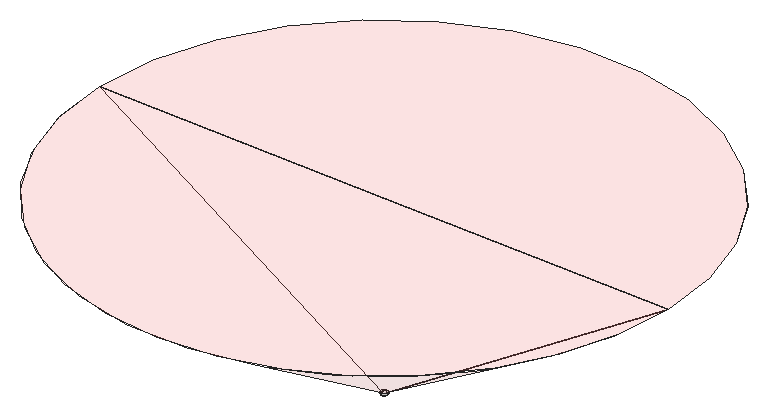
Revit family "Sensor-Lutron-Radio_Powr_Savr_Ceiling_Occupancy_and_Vacancy", category Lighting Devices, host Face, Revit 2017
Family settings
  Host = Face
  Maintain Annotation Orientation = No
  Round Connector Dimension = Use Diameter
  Part Type = Normal
  OmniClass Number = 23.85.80.11.27
  OmniClass Title = Lighting Controls
  Cut with Voids When Loaded = No
  Shared = No
  Room Calculation Point = No
Parameters (values of type "LRF2-VCR2B-P-WH")
  Warranty URL = "http://www.lutron.com/en-US/Service-Support/Pages/Service/Warranty/Warranty.aspx"
  Voltage = 3 V
  Video Link = "https://www.youtube.com/user/LutronElectronicsInc"
  Version = "2017 - v1.0b"  # constant formula
  Vacancy Sensor = yes
  URL = "http://www.lutron.com"
  Type Comments = ""
  Support Phone = "(224) 699-9545"  # constant formula
  Support Email = "mailto: support@anguleris.com"
  Show 3D Range Diagram [instance] = yes
  Show 2D Range Diagram [instance] = not(Show 3D Range Diagram)  # no
  Series = "Radio Powr Savr"
  Sensor Recessed Offset [instance] = if(Recessed, Sensor Body Height, 0' 0")  # 0' - 0"
  Sensor Radius = Sensor Diameter / 2  # 0' - 0 3/4"
  Sensor Material = Plastic - Lutron - White
  Sensor Elevation [instance] = if(Design Sensor Elevation < Minimum Ceiling Height, Minimum Ceiling Height, if(Design Sensor Elevation > Maximum Ceiling Height, Maximum Ceiling Height, Design Sensor Elevation))  # 8' - 0"
  Sensor Diameter = 0' - 1 1/2"
  Sensor Cover Offset = 0' - 0.887"
  Sensor Body Height = 0' - 0.507"
  Recessed [instance] = no
  Range Diagram [instance] = yes
  Product Page URL = "http://www.lutron.com/en-US/products/Pages/sensors/occupancy-vacancy/wirelessradiopowrsavr/overview.aspx"
  Product Name = "Wireless Ceiling Mount Sensor"
  Product Documentation Link = "http://www.lutron.com/TechnicalDocumentLibrary/369480_ENG.pdf"
  Performance URL = "http://www.lutron.com/en-US/Service-Support/Pages/Technical/PerfomanceSpecs.aspx"
  Overall Width = 0' - 1.13"
  Overall Depth = 0' - 3.57"
  Occupancy Sensor = not(Vacancy Sensor)  # no
  Mounting Radius = Mounting Diameter / 2  # 0' - 1.425"
  Mounting Diameter = 0' - 2.85"
  Model = "LRF2-VCR2B-P-WH"
  Minimum Room Coverage (L x W) = "8ft x 8ft"
  Minimum Operating Temperature = 32 °F
  Minimum Coverage = 324.00 SF
  Minimum Clearance = 4' - 0"
  Minimum Ceiling Height = 8' - 0"
  Maximum Room Coverage (L x W) = "12ft x 12ft"
  Maximum Operating Temperature = 104 °F
  Maximum Coverage = 676.00 SF
  Maximum Ceiling Height = 12' - 0"
  Manufacturer Phone Number = "610-282-3800"  # constant formula
  Manufacturer Fax Number = "610-282-1243"  # constant formula
  Manufacturer Email = "mailto:support@lutron.com"
  Manufacturer Address = "7200 Suter Rd, Coopersburg, PA 18036"  # constant formula
  Manufacturer = "Lutron Electronics Co., Inc"  # constant formula
  Radius of Coverage at Floor = 13' - 0"
  Light Level = 1 fc
  Label = if(Occupancy Sensor, "OS", "VS")  # "VS"
  Keynote = ""
  Instruction Sheet Link = "http://www.lutron.com/TechnicalDocumentLibrary/041416.pdf"
  Frequency = "434 MHz"
  Cost Info = "mailto:sales@lutron.com"
  Cost = 0
  Copyright = "© 2019 Lutron Electronics Co., Inc."  # constant formula
  Clearance [instance] = no
  Actual Room Coverage (L x W) [instance] = 18' - 0"
  Field of View = 360.00°
  Design Sensor Elevation [instance] = 0' - 0"
  Description = "Wireless Ceiling Mount Sensor"
  Default Elevation = 0' - 0"
  Current = 14 mA
  Ceiling Opening Radius = Ceiling Opening Diameter / 2  # 0' - 1 1/2"
  Ceiling Opening Diameter = 0' - 3"
  Assembly Code = "D5030800"
  3D Range Visibility [instance] = and(Range Diagram, Show 3D Range Diagram)  # yes
  2D Range Visibility [instance] = and(Range Diagram, Show 2D Range Diagram)  # no
Types (2): name | Vacancy Sensor | Occupancy Sensor | Model | Label
  LRF2-VCR2B-P-WH | yes | no | "LRF2-VCR2B-P-WH" | "VS"
  LRF2-OCR2B-P-WH | no | yes | "LRF2-OCR2B-P-WH" | "OS"
Reference planes (in)
  plane 1 "Center (Front/Back)": y = 0
  plane 2: z = 0
  plane 3 "Center (Left/Right)": x = 0
  plane 4: y = 1.785
  plane 5: y = -1.785
  plane 6: x = -1.785
  plane 7: x = 1.785
  plane 8: z = 1.13
  plane 9: z = 0.887
  plane 10: z = 0
  plane 11: y = 0.75
  plane 12: x = -49.785
Forms (in)
  Revolve 1, solid, material "Plastic - Lutron - Clear"
    sketch origin (0, 0, 0) x (0, 1, 0) y (0, 0, 1)
      loop
        line (0, 1.13) -> (0, 0.887) -> (0.74995, 0.887)
        arc (0.74995, 0.887) -> (0.67569, 1.05911) -> (0.50216, 1.13) r 0.24784
        line (0.50216, 1.13) -> (0, 1.13)
      axis (0, 0.887) -> (0, 1.13)
    angle from 0 to 360
  Extrusion 2, solid, material "Plastic - Lutron - White" <- "Sensor Material"
    sketch origin (0, 0, 0) x (1, 0, 0) y (0, 1, 0)
      loop
        circle (0, 0) r 1.425
    from 0 to 0.507
  Extrusion 3, solid, material "Plastic - Lutron - White" <- "Sensor Material"
    sketch origin (0, 0, 0) x (1, 0, 0) y (0, 1, 0)
      loop
        circle (0, 0) r 1.785
    from 0.507 to 0.887
  Sweep 4, void
    path origin (0, 0, 0) x (0, 1, 0) y (0, 0, 1)
      loop
        line (0, 0) -> (0, 0.887)
    profile origin (0, 0, 0.4435) x (0, -1, 0) y (1, 0, 0)
      loop
        circle (0, 0) r 1.5
  Revolve 5, solid, material "Clearance", visible <- "Clearance"
    sketch origin (0, 0, 0) x (1, 0, 0) y (0, 0, 1)
      loop
        line (-1.785, 0) -> (-1.785, 1.13) -> (-49.785, 1.13) -> (-49.785, 0) -> (-1.785, 0)
      axis (0, 0) -> (0, 1.13)
    angle from 0 to 360
Lines and regions (in)
  symbolic lines, detail levels fine
    curve 1: circle (0, 0, 0) r 1.78527 normal (0, 0, 1)
Dimensions and locks (in)
  equal spacing: plane 4, plane 1 "Center (Front/Back)", plane 5
  equal spacing: plane 6, plane 3 "Center (Left/Right)", plane 7
  "Overall Depth": plane 4 to plane 5
  "Overall Depth": plane 6 to plane 7
  locked: curve 1 to plane 3 "Center (Left/Right)" at 0
  locked: curve 1 to plane 1 "Center (Front/Back)" at 0
  locked: Extrusion 2 sketch curve to plane 3 "Center (Left/Right)" at 0
  locked: Extrusion 2 sketch curve to plane 1 "Center (Front/Back)" at 0
  locked: Extrusion 3 to Extrusion 3 at 0.38
  locked: Extrusion 3 sketch curve to plane 3 "Center (Left/Right)" at 0
  locked: Extrusion 3 sketch curve to plane 1 "Center (Front/Back)" at 0
  locked: curve 1 to plane 6 at 0.00027
  "Sensor Cover Offset": plane 9 to plane 10
  "Overall Width": plane 8 to plane 10
  "Sensor Body Height": Extrusion 3 to plane 10
  "Sensor Recessed Offset": plane 2 to plane 10
  "Sensor Radius": plane 1 "Center (Front/Back)" to plane 11
  locked: plane 9 to Revolve 1 sketch curve at 0.00484
  "Minimum Clearance": plane 6 to plane 12
  "Ceiling Opening Radius": radius of Sweep 4 sketch curve
  "Mounting Radius": radius of Extrusion 2 sketch curve
  aligned and locked: plane 2 to host face
  aligned and locked: level to host face
  aligned: plane 2 to Revolve 1
  aligned: Extrusion 3 to Revolve 1
  aligned and locked: Extrusion 3 to Extrusion 2
  aligned and locked: plane 1 "Center (Front/Back)" to Revolve 1 sketch curve
  aligned and locked: plane 3 "Center (Left/Right)" to nested 1
  aligned and locked: plane 1 "Center (Front/Back)" to nested 1
  aligned and locked: Revolve 1 sketch curve to plane 9
  aligned and locked: Extrusion 3 to Revolve 1
  aligned and locked: Extrusion 2 to plane 10
  aligned and locked: Sweep 4 sketch curve to plane 1 "Center (Front/Back)"
  aligned and locked: plane 10 to Sweep 4 sketch curve
  aligned and locked: plane 3 "Center (Left/Right)" to Sweep 4 sketch curve
  aligned and locked: plane 1 "Center (Front/Back)" to Sweep 4 sketch curve
  aligned and locked: plane 9 to Sweep 4 sketch curve
  aligned and locked: plane 8 to Revolve 1 sketch curve
  aligned and locked: Extrusion 2 to Revolve 5 sketch curve
  aligned and locked: plane 3 "Center (Left/Right)" to Revolve 5 sketch curve
  aligned and locked: Revolve 5 sketch curve to plane 6
  aligned and locked: Revolve 5 sketch curve to plane 8
  aligned and locked: plane 10 to Revolve 5 sketch curve
  aligned and locked: Revolve 5 sketch curve to plane 12
  aligned and locked: nested 2 to plane 3 "Center (Left/Right)"
  aligned and locked: nested 2 to plane 1 "Center (Front/Back)"
  aligned and locked: nested 3 to nested 2  (x2)
Automatic sketch dimensions
  host sketch curve to host sketch curve = 8' - 0"  (x2)
  Revolve 1 sketch curve to plane 1 "Center (Front/Back)" = 0' - 0"
  plane 11 to Revolve 1 sketch curve = 0' - 0.24784"
  Revolve 1 sketch curve to Revolve 1 sketch curve = 0' - 0.09707"
  Revolve 1 sketch curve to Revolve 1 sketch curve = 0' - 0.21791"
  Revolve 5 sketch curve to plane 8 = 0' - 0"
  radius of Extrusion 3 sketch curve = 0' - 1.785"
Nested families (in)
  nested 1: "Ceiling Occupancy Sensor" at (0, 0, 0), Label <- "Label", type "Ceiling Occupancy Sensor", detail levels coarse+medium
    with Label "VS"
  nested 2: "3d-Ceiling-Visibility" at (0, 0, 0), visible <- "3D Range Visibility", type "3d-Ceiling-Visibility"
  nested 3: "Ceiling Blade Assembly" at (0, 0, 0), visible <- "2D Range Visibility", type "Ceiling Blade Assembly"
Connectors (in)
  electrical at (0, 0, 0)
    settings: on Revolve 1, index 1, voltage 0 V, apparent load 0 VA, apparent load phase1 0 VA, apparent load phase2 0 VA, apparent load phase3 0 VA, power factor 1, load classification "Other", number of poles 1, system type 13, power factor state 1, is connector primary yes, connector utility no, sub classification motor no, connector description "Lighting Control Connection"
Definition of nested family "3d-Ceiling-Visibility"
  Parameters (values of type "3d-Ceiling-Visibility")
    Radius = 13' - 0"
    Material = none
    Ceiling Height = 8' - 0"
    3d Range Visibility = yes
  Reference planes (in)
    plane 1 "Center (Front/Back)": y = 0
    plane 2: z = 0
    plane 3 "Center (Left/Right)": x = 0
    plane 4: x = 156
    plane 5: z = 96
  Forms (in)
    Revolve 1, solid, material <- "Material", visible <- "3d Range Visibility"
      sketch origin (0, 0, 0) x (1, 0, 0) y (0, 0, 1)
        loop
          line (0, 96) -> (0, 0) -> (156, 96) -> (0, 96)
        axis (0, 0) -> (0, 96)
      angle from 0 to 360
  Dimensions and locks (in)
    locked: plane 4 to plane 3 "Center (Left/Right)" at 156
    plane 5 to plane 2 = 8' - 0"
    aligned and locked: plane 2 to level
    aligned and locked: plane 2 to Revolve 1 sketch curve  (x2)
    aligned and locked: plane 3 "Center (Left/Right)" to Revolve 1 sketch curve  (x2)
    aligned and locked: plane 4 to Revolve 1 sketch curve  (x2)
    aligned and locked: plane 5 to Revolve 1 sketch curve  (x2)
    aligned and locked: Revolve 1 sketch curve to plane 3 "Center (Left/Right)"  (x2)
    aligned and locked: Revolve 1 sketch curve to plane 5
Definition of nested family "Ceiling Blade Assembly"
  Parameters (values of type "Ceiling Blade Assembly")
    2D Blade Visibility = no
  Reference planes (in)
    plane 1 "Center (Front/Back)": y = 0
    plane 2: z = 0
    plane 3 "Center (Left/Right)": x = 0
  Dimensions and locks (in)
    aligned and locked: plane 2 to level
  Nested families (in)
    nested 1: "Blade Set" at (0, 0, 0), type "Blade Set"
    nested 2: "Blade Set" at (0, 0, 0) x (0.9613, -0.2756, 0) z (0, 0, 1), type "Blade Set 2"
    nested 3: "Blade Set" at (0, 0, 0) x (0.9925, -0.1223, 0) z (0, 0, 1), type "Blade Set 3"
    nested 4: "Blade Set" at (0, 0, 0) x (0.9685, -0.249, 0) z (0, 0, 1), type "Blade Set 4"
    nested 5: "Blade Set" at (0, 0, 0), type "Blade Set 5"
    nested 6: "Blade Set" at (0, 0, 0) x (0.866, -0.5, 0) z (0, 0, 1), type "Blade Set"
    nested 7: "Blade Set" at (0, 0, 0) x (0.866, 0.5, 0) z (0, 0, 1), type "Blade Set"
    nested 8: "Blade Set" at (0, 0, 0) x (0.5, 0.866, 0) z (0, 0, 1), type "Blade Set"
    nested 9: "Blade Set" at (0, 0, 0) x (0, 1, 0) z (0, 0, 1), type "Blade Set"
    nested 10: "Blade Set" at (0, 0, 0) x (-0.5, 0.866, 0) z (0, 0, 1), type "Blade Set"
    nested 11: "Blade Set" at (0, 0, 0) x (-0.866, 0.5, 0) z (0, 0, 1), type "Blade Set"
    nested 12: "Blade Set" at (0, 0, 0) x (-1, 0, 0) z (0, 0, 1), type "Blade Set"
    nested 13: "Blade Set" at (0, 0, 0) x (-0.866, -0.5, 0) z (0, 0, 1), type "Blade Set"
    nested 14: "Blade Set" at (0, 0, 0) x (-0.5, -0.866, 0) z (0, 0, 1), type "Blade Set"
    nested 15: "Blade Set" at (0, 0, 0) x (0, -1, 0) z (0, 0, 1), type "Blade Set"
    nested 16: "Blade Set" at (0, 0, 0) x (0.5, -0.866, 0) z (0, 0, 1), type "Blade Set"
    nested 17: "Blade Set" at (0, 0, 0) x (0.6947, -0.7193, 0) z (0, 0, 1), type "Blade Set 2"
    nested 18: "Blade Set" at (0, 0, 0) x (0.9703, 0.2419, 0) z (0, 0, 1), type "Blade Set 2"
    nested 19: "Blade Set" at (0, 0, 0) x (0.7193, 0.6947, 0) z (0, 0, 1), type "Blade Set 2"
    nested 20: "Blade Set" at (0, 0, 0) x (0.2756, 0.9613, 0) z (0, 0, 1), type "Blade Set 2"
    nested 21: "Blade Set" at (0, 0, 0) x (-0.2419, 0.9703, 0) z (0, 0, 1), type "Blade Set 2"
    nested 22: "Blade Set" at (0, 0, 0) x (-0.6947, 0.7193, 0) z (0, 0, 1), type "Blade Set 2"
    nested 23: "Blade Set" at (0, 0, 0) x (-0.9613, 0.2756, 0) z (0, 0, 1), type "Blade Set 2"
    nested 24: "Blade Set" at (0, 0, 0) x (-0.9703, -0.2419, 0) z (0, 0, 1), type "Blade Set 2"
    nested 25: "Blade Set" at (0, 0, 0) x (-0.7193, -0.6947, 0) z (0, 0, 1), type "Blade Set 2"
    nested 26: "Blade Set" at (0, 0, 0) x (-0.2756, -0.9613, 0) z (0, 0, 1), type "Blade Set 2"
    nested 27: "Blade Set" at (0, 0, 0) x (0.2419, -0.9703, 0) z (0, 0, 1), type "Blade Set 2"
    nested 28: "Blade Set" at (0, 0, 0) x (0.7984, -0.6021, 0) z (0, 0, 1), type "Blade Set 3"
    nested 29: "Blade Set" at (0, 0, 0) x (0.9207, 0.3904, 0) z (0, 0, 1), type "Blade Set 3"
    nested 30: "Blade Set" at (0, 0, 0) x (0.6021, 0.7984, 0) z (0, 0, 1), type "Blade Set 3"
    nested 31: "Blade Set" at (0, 0, 0) x (0.1223, 0.9925, 0) z (0, 0, 1), type "Blade Set 3"
    nested 32: "Blade Set" at (0, 0, 0) x (-0.3904, 0.9207, 0) z (0, 0, 1), type "Blade Set 3"
    nested 33: "Blade Set" at (0, 0, 0) x (-0.7984, 0.6021, 0) z (0, 0, 1), type "Blade Set 3"
    nested 34: "Blade Set" at (0, 0, 0) x (-0.9925, 0.1223, 0) z (0, 0, 1), type "Blade Set 3"
    nested 35: "Blade Set" at (0, 0, 0) x (-0.9207, -0.3904, 0) z (0, 0, 1), type "Blade Set 3"
    nested 36: "Blade Set" at (0, 0, 0) x (-0.6021, -0.7984, 0) z (0, 0, 1), type "Blade Set 3"
    nested 37: "Blade Set" at (0, 0, 0) x (-0.1223, -0.9925, 0) z (0, 0, 1), type "Blade Set 3"
    nested 38: "Blade Set" at (0, 0, 0) x (0.3904, -0.9207, 0) z (0, 0, 1), type "Blade Set 3"
    nested 39: "Blade Set" at (0, 0, 0) x (0.7143, -0.6999, 0) z (0, 0, 1), type "Blade Set 4"
    nested 40: "Blade Set" at (0, 0, 0) x (0.9632, 0.2687, 0) z (0, 0, 1), type "Blade Set 4"
    nested 41: "Blade Set" at (0, 0, 0) x (0.6999, 0.7143, 0) z (0, 0, 1), type "Blade Set 4"
    nested 42: "Blade Set" at (0, 0, 0) x (0.249, 0.9685, 0) z (0, 0, 1), type "Blade Set 4"
    nested 43: "Blade Set" at (0, 0, 0) x (-0.2687, 0.9632, 0) z (0, 0, 1), type "Blade Set 4"
    nested 44: "Blade Set" at (0, 0, 0) x (-0.7143, 0.6999, 0) z (0, 0, 1), type "Blade Set 4"
    nested 45: "Blade Set" at (0, 0, 0) x (-0.9685, 0.249, 0) z (0, 0, 1), type "Blade Set 4"
    nested 46: "Blade Set" at (0, 0, 0) x (-0.9632, -0.2687, 0) z (0, 0, 1), type "Blade Set 4"
    nested 47: "Blade Set" at (0, 0, 0) x (-0.6999, -0.7143, 0) z (0, 0, 1), type "Blade Set 4"
    nested 48: "Blade Set" at (0, 0, 0) x (-0.249, -0.9685, 0) z (0, 0, 1), type "Blade Set 4"
    nested 49: "Blade Set" at (0, 0, 0) x (0.2687, -0.9632, 0) z (0, 0, 1), type "Blade Set 4"
    nested 50: "Blade Set" at (0, 0, 0) x (0.5, -0.866, 0) z (0, 0, 1), type "Blade Set 5"
    nested 51: "Blade Set" at (0, 0, 0) x (0.5, 0.866, 0) z (0, 0, 1), type "Blade Set 5"
    nested 52: "Blade Set" at (0, 0, 0) x (-0.5, 0.866, 0) z (0, 0, 1), type "Blade Set 5"
    nested 53: "Blade Set" at (0, 0, 0) x (-1, 0, 0) z (0, 0, 1), type "Blade Set 5"
    nested 54: "Blade Set" at (0, 0, 0) x (-0.5, -0.866, 0) z (0, 0, 1), type "Blade Set 5"
  Definition of nested family "Blade Set"
    Parameters (values of type "Blade Set")
      Sensor Clearance radius = 0' - 3"
      Material = none
      Blade Visibility = no
      Blade Length = 13' - 0"
      Blade Angle = 8.00°
    Types (5): name | Blade Length | Blade Angle
      Blade Set | 13' - 0" | 8.00°
      Blade Set 5 | 3' - 1" | 3.00°
      Blade Set 4 | 5' - 1" | 6.00°
      Blade Set 3 | 7' - 9 1/2" | 7.00°
      Blade Set 2 | 9' - 10" | 8.00°
    Reference planes (in)
      plane 1 "Center (Front/Back)": y = 0
      plane 2: z = 0
      plane 3 "Center (Left/Right)": x = 0
      plane 4: z = 1.5
    Forms (in)
      Sweep 1, solid, material <- "Material"
        path origin (0, 0, 0) x (1, 0, 0) y (0, 0, 1)
          loop
            line (0, 1.5) -> (0, 0)
        profile origin (0, 0, 0.75) x (0, -1, 0) y (1, 0, 0)
          loop
            arc (-3, 0) -> (-2.99075, 0.23538) -> (-2.96307, 0.4693) r 3
            line (-2.96307, 0.4693) -> (-154.07938, 24.40378)
            arc (-154.07938, 24.40378) -> (-155.5191, 12.23962) -> (-156, 0) r 156
            line (-156, 0) -> (-3, 0)
    Dimensions and locks (in)
      locked: plane 4 to plane 2 at 1.5
      "Blade Length": radius of Sweep 1 sketch curve
      "Sensor Clearance radius": radius of Sweep 1 sketch curve
      aligned and locked: plane 2 to level
      aligned and locked: plane 2 to Sweep 1 sketch curve
      aligned and locked: plane 4 to Sweep 1 sketch curve
      aligned and locked: Sweep 1 sketch curve to plane 3 "Center (Left/Right)"
    Automatic sketch dimensions
      Sweep 1 sketch curve to Sweep 1 sketch curve = 0' - 0"  (x2)
      plane 1 "Center (Front/Back)" to Sweep 1 sketch curve = 0' - 0"
      Sweep 1 sketch curve to profile plane = 0' - 0"
      Sweep 1 sketch curve to Sweep 1 sketch curve = 0' - 1.92062"
      Sweep 1 sketch curve to profile plane = 0' - 0.4693"
Definition of nested family "Ceiling Occupancy Sensor"
  Parameters (values of type "Ceiling Occupancy Sensor")
    Label [instance] = "OS"
  Reference planes (in)
    plane 1: y = 0
    plane 2: x = 0
  Lines and regions (in)
    detail lines
      curve 1: circle (0, 0, 0) r 0.10882 normal (0, 0, 1)
  Text (in)
    label "OS" at (-0.00015, 0.0012, 0), shows "Label"
  Dimensions and locks (in)
    locked: curve 1 to plane 1
    locked: plane 2 to curve 1
